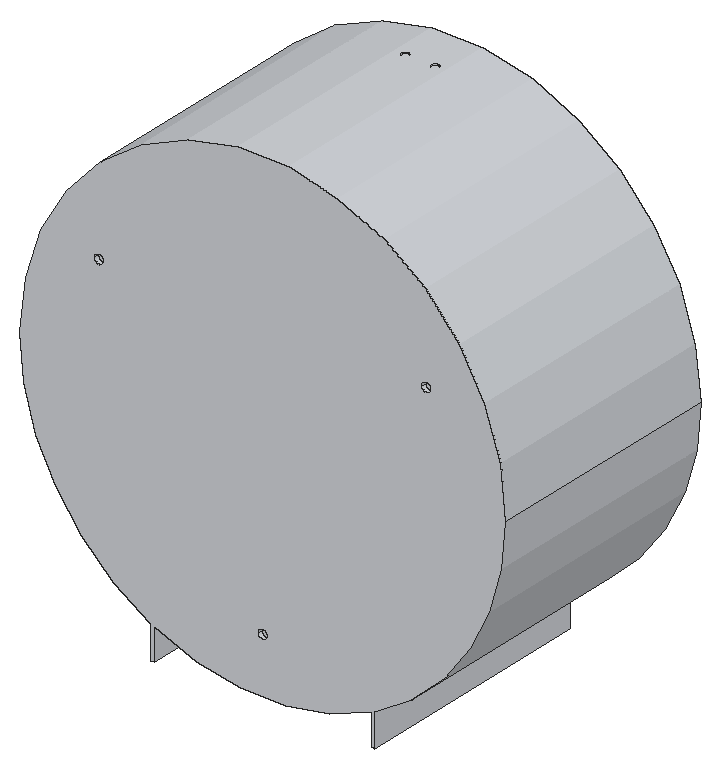
Revit family "AX8602_0014", category Appareils sanitaires, Revit 2016
Family settings
  Hôte = Mur
  Type d'élément = Normal
  Cote de connecteur circulaire = Utiliser le diamètre
  Numéro OmniClass = 23.75.00.00
  Titre OmniClass = Climate Control (HVAC)
  Toujours verticalement = Oui
  Couper avec des vides une fois chargée = Non
  Partagée = Non
  Point de calcul de pièce = Non
Parameters (values of type "Type 1")
  URL = "https://www.axeuro.com/fr/distributeurs-pour-rouleaux-collectifs-jumbo/15333-distributeur-de-papier-toilette-ax8602-3700926004485.html"
  Type de produit / Type of product = "Distributeur de papier toilette / Toilet tissue dispenser"  # constant formula
  Reférence / Reference = "AX8602, AX8602P, AX8602W"  # constant formula
  Model = ""
  Manufacturer = ""
  Entreprise / Company = "Axeuro"  # constant formula
  Description = ""
Reference planes
  plane 1 "Mur": y = 0
  plane 2 "Centre (gauche/droite)": x = 0
  plane 3 "Arrière": y = 75
Forms (mm)
  Extrusion 1, solid
    sketch origin (0, 80.162, 660) x (1, 0, 0) y (0, 0, 1)
      loop
        circle (0, 439.746) r 130
    from -125 to 5.162
  Extrusion 2, solid
    sketch origin (0, 79.211, 8.655) x (1, 0, 0) y (0, 0, 1)
      loop
        arc (4.34, 1045.834) -> (0.156, 1048.94) -> (-4.334, 1046.294) r 4.715
        line (-4.334, 1046.294) -> (-2.85, 991.902)
        arc (-2.85, 991.902) -> (0, 989.052) -> (2.85, 991.902) r 2.85
        line (2.85, 991.902) -> (4.34, 1045.834)
    from -127.38 to -125.951
  Extrusion 3, void
    sketch origin (0, 0, 1.451) x (1, 0, 0) y (0, 0, 1)
      loop
        circle (0, 998.757) r 2.5
    from -77.326 to -75
  Extrusion 4, void
    sketch origin (87.5, 0, 150.696) x (-1, 0, 0) y (0, 0, -1)
      loop
        circle (0, -998.757) r 2.5
    from -77.326 to -75
  Extrusion 5, void
    sketch origin (-87.5, 0, 150.696) x (1, 0, 0) y (0, 0, 1)
      loop
        circle (0, 998.757) r 2.5
    from -77.326 to -75
  Extrusion 6, solid
    sketch origin (-146.292, 80.162, 13.679) x (1, 0, 0) y (0, 0, 1)
      loop
        line (88.292, 972.067) -> (86.292, 972.067) -> (86.292, 953.067) -> (88.292, 953.067) -> (88.292, 972.067)
    from -125 to 5.162
  Extrusion 7, solid
    sketch origin (-28.292, 80.162, 13.679) x (1, 0, 0) y (0, 0, 1)
      loop
        line (88.292, 972.067) -> (86.292, 972.067) -> (86.292, 953.067) -> (88.292, 953.067) -> (88.292, 972.067)
    from -125 to 5.162
  Extrusion 8, void
    sketch origin (13.949, 0, 0) x (1, 0, 0) y (0, 1, 0)
      loop
        circle (-21.949, 180.162) r 1.75
    from 1225.907 to 1229.251
  Extrusion 9, void
    sketch origin (29.949, 0, 0) x (1, 0, 0) y (0, 1, 0)
      loop
        circle (-21.949, 180.162) r 1.75
    from 1225.907 to 1229.251
Cuts and joins
  Extrusion 3, Extrusion 4, Extrusion 5, Extrusion 8, Extrusion 9 cuts Extrusion 1
  Extrusion 9 cuts Extrusion 6
  Extrusion 9 cuts Extrusion 7
  joined: Extrusion 1, Extrusion 6, Extrusion 7
Text (mm)
  text "Côté de la mise en place" at (-1820.995, 1116.779, 0), in view "Niveau de réf."
  text "Côté de la mise en place" at (0, 1334.055, 2976.191), in view "Gauche"
  text "Côté de la mise en place" at (0, 439.194, 2944.362), in view "Droite"
Dimensions and locks
  locked: plane 3 "Arrière" to host wall
  aligned and locked: plane 1 "Mur" to host wall
